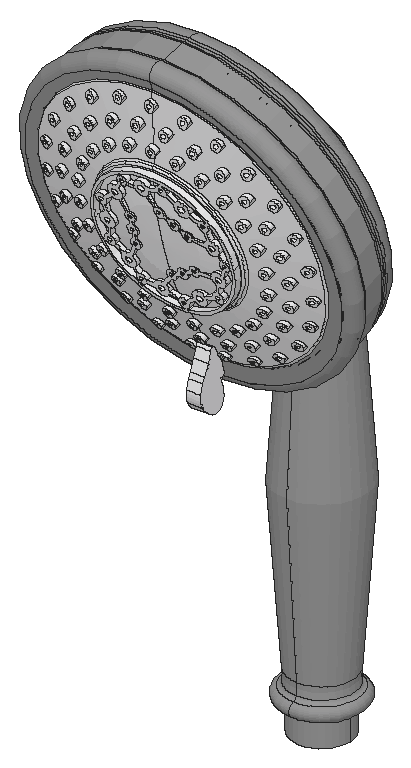
Revit family "Shower-Handshower-KOHLER-RAIN_DUET-K-98952T_1", category Plumbing Fixtures, host Face, Revit 2017 (continued)
Definition of nested family "K-98952T"
  Lines and regions (in)
    symbolic lines, detail levels medium+fine
      curve 73: spline (-0.57938, 0, 6.97899) -> (-0.57383, 0, 6.97263) -> (-0.56849, 0, 6.9661) -> (-0.56336, 0, 6.95942) -> (-0.55845, 0, 6.95259) -> (-0.55376, 0, 6.94561) -> (-0.5493, 0, 6.9385) -> (-0.54507, 0, 6.93126) -> (-0.54108, 0, 6.9239) -> (-0.53732, 0, 6.91642) -> (-0.53381, 0, 6.90883) -> (-0.53054, 0, 6.90114) -> (-0.52753, 0, 6.89336)
      curve 74: spline (-0.49403, 0, 6.91531) -> (-0.49702, 0, 6.92238) -> (-0.5002, 0, 6.92939) -> (-0.50355, 0, 6.93631) -> (-0.50709, 0, 6.94315) -> (-0.5108, 0, 6.9499) -> (-0.51468, 0, 6.95657) -> (-0.51874, 0, 6.96313) -> (-0.52296, 0, 6.9696) -> (-0.52736, 0, 6.97597) -> (-0.53192, 0, 6.98222) -> (-0.53663, 0, 6.98837) -> (-0.54151, 0, 6.9944)
      curve 75: spline (-0.52753, 0, 6.89336) -> (-0.53273, 0, 6.88634) -> (-0.53697, 0, 6.87874) -> (-0.54019, 0, 6.8707) -> (-0.54231, 0, 6.86232) -> (-0.54333, 0, 6.85375) -> (-0.5432, 0, 6.84513) -> (-0.54195, 0, 6.8366) -> (-0.53959, 0, 6.82828) -> (-0.53616, 0, 6.82032) -> (-0.5317, 0, 6.81284) -> (-0.52631, 0, 6.80595) -> (-0.52005, 0, 6.79978)
      curve 76: spline (-0.48141, 0, 6.78274) -> (-0.47504, 0, 6.78225) -> (-0.46865, 0, 6.78231) -> (-0.46229, 0, 6.78292) -> (-0.45602, 0, 6.78409) -> (-0.44988, 0, 6.78579) -> (-0.44392, 0, 6.78801) -> (-0.4382, 0, 6.79075) -> (-0.43275, 0, 6.79397) -> (-0.42763, 0, 6.79764) -> (-0.42288, 0, 6.80175) -> (-0.41853, 0, 6.80625) -> (-0.41461, 0, 6.81111)
      curve 77: spline (-0.40168, 0, 6.85036) -> (-0.40255, 0, 6.86099) -> (-0.40513, 0, 6.87135) -> (-0.40936, 0, 6.88121) -> (-0.41513, 0, 6.89031) -> (-0.42231, 0, 6.89843) -> (-0.43072, 0, 6.90537) -> (-0.44015, 0, 6.91097) -> (-0.45037, 0, 6.91509) -> (-0.46114, 0, 6.91763) -> (-0.47218, 0, 6.91851) -> (-0.48324, 0, 6.91773) -> (-0.49403, 0, 6.91531)
      curve 78: spline (-0.29093, 0, 6.84478) -> (-0.30006, 0, 6.84629) -> (-0.30923, 0, 6.84762) -> (-0.31842, 0, 6.84876) -> (-0.32764, 0, 6.8497) -> (-0.33687, 0, 6.85045) -> (-0.34612, 0, 6.85102) -> (-0.35538, 0, 6.85139) -> (-0.36464, 0, 6.85157) -> (-0.37391, 0, 6.85155) -> (-0.38318, 0, 6.85135) -> (-0.39243, 0, 6.85095) -> (-0.40168, 0, 6.85036)
      curve 79: spline (-0.41461, 0, 6.81111) -> (-0.40424, 0, 6.81216) -> (-0.39384, 0, 6.81294) -> (-0.38342, 0, 6.81345) -> (-0.37299, 0, 6.8137) -> (-0.36256, 0, 6.81368) -> (-0.35213, 0, 6.81339) -> (-0.34171, 0, 6.81283) -> (-0.33132, 0, 6.812) -> (-0.32095, 0, 6.81091) -> (-0.31061, 0, 6.80955) -> (-0.30031, 0, 6.80793) -> (-0.29007, 0, 6.80605)
      curve 80: spline (-0.13931, 0, 6.92201) -> (-0.15479, 0, 6.92751) -> (-0.17096, 0, 6.93069) -> (-0.18745, 0, 6.93145) -> (-0.20386, 0, 6.92979) -> (-0.21982, 0, 6.92575) -> (-0.23496, 0, 6.91941) -> (-0.24891, 0, 6.91093) -> (-0.26136, 0, 6.90051) -> (-0.27201, 0, 6.88838) -> (-0.28061, 0, 6.87484) -> (-0.28697, 0, 6.86019) -> (-0.29093, 0, 6.84478)
      curve 81: spline (-0.29007, 0, 6.80605) -> (-0.2834, 0, 6.78606) -> (-0.2727, 0, 6.76777) -> (-0.25839, 0, 6.75192) -> (-0.24106, 0, 6.73916) -> (-0.22142, 0, 6.73001) -> (-0.20026, 0, 6.72484) -> (-0.17846, 0, 6.72388) -> (-0.1569, 0, 6.72714) -> (-0.13646, 0, 6.73451) -> (-0.11798, 0, 6.74567) -> (-0.10221, 0, 6.76019) -> (-0.0898, 0, 6.77745)
      curve 82: spline (-0.07728, 0, 6.81419) -> (-0.07654, 0, 6.82195) -> (-0.0764, 0, 6.82973) -> (-0.07687, 0, 6.8375) -> (-0.07794, 0, 6.84522) -> (-0.07961, 0, 6.85284) -> (-0.08187, 0, 6.86031) -> (-0.0847, 0, 6.8676) -> (-0.0881, 0, 6.87467) -> (-0.09203, 0, 6.88147) -> (-0.09649, 0, 6.88798) -> (-0.10143, 0, 6.89414) -> (-0.10685, 0, 6.89992)
      curve 83: spline (-0.10685, 0, 6.89992) -> (-0.09988, 0, 6.91269) -> (-0.09258, 0, 6.92528) -> (-0.08493, 0, 6.93767) -> (-0.07695, 0, 6.94988) -> (-0.06864, 0, 6.96187) -> (-0.06001, 0, 6.97366) -> (-0.05106, 0, 6.98522) -> (-0.0418, 0, 6.99656) -> (-0.03224, 0, 7.00765) -> (-0.02238, 0, 7.01851) -> (-0.01222, 0, 7.02911) -> (-0.00178, 0, 7.03946)
      curve 84: spline (-0.03563, 0, 7.06035) -> (-0.04582, 0, 7.04999) -> (-0.05575, 0, 7.03939) -> (-0.0654, 0, 7.02857) -> (-0.07478, 0, 7.01753) -> (-0.08388, 0, 7.00627) -> (-0.0927, 0, 6.9948) -> (-0.10122, 0, 6.98313) -> (-0.10945, 0, 6.97127) -> (-0.11738, 0, 6.95922) -> (-0.125, 0, 6.94699) -> (-0.13231, 0, 6.93458) -> (-0.13931, 0, 6.92201)
      curve 85: spline (0.04861, 0, 6.76939) -> (0.03907, 0, 6.77518) -> (0.02931, 0, 6.78062) -> (0.01934, 0, 6.7857) -> (0.00918, 0, 6.79041) -> (-0.00117, 0, 6.79475) -> (-0.01167, 0, 6.79871) -> (-0.02232, 0, 6.80229) -> (-0.03311, 0, 6.80547) -> (-0.04402, 0, 6.80825) -> (-0.05502, 0, 6.81064) -> (-0.06612, 0, 6.81262) -> (-0.07728, 0, 6.81419)
      curve 86: spline (-0.0898, 0, 6.77745) -> (-0.07856, 0, 6.77615) -> (-0.06738, 0, 6.77439) -> (-0.0563, 0, 6.77215) -> (-0.04533, 0, 6.76944) -> (-0.0345, 0, 6.76628) -> (-0.02382, 0, 6.76266) -> (-0.01331, 0, 6.75859) -> (-0.003, 0, 6.75408) -> (0.00709, 0, 6.74915) -> (0.01695, 0, 6.74379) -> (0.02655, 0, 6.73802) -> (0.03588, 0, 6.73185)
      curve 87: spline (0.16475, 0, 6.78591) -> (0.15581, 0, 6.79214) -> (0.14605, 0, 6.7971) -> (0.13566, 0, 6.8007) -> (0.12485, 0, 6.80286) -> (0.11383, 0, 6.80354) -> (0.10282, 0, 6.80273) -> (0.09204, 0, 6.80044) -> (0.0817, 0, 6.79672) -> (0.072, 0, 6.79164) -> (0.06314, 0, 6.78531) -> (0.05529, 0, 6.77784) -> (0.04861, 0, 6.76939)
      curve 88: spline (0.03588, 0, 6.73185) -> (0.03603, 0, 6.72197) -> (0.03752, 0, 6.7122) -> (0.04033, 0, 6.70269) -> (0.0444, 0, 6.69362) -> (0.04966, 0, 6.68514) -> (0.05604, 0, 6.67739) -> (0.06341, 0, 6.67051) -> (0.07165, 0, 6.66461) -> (0.08062, 0, 6.65979) -> (0.09016, 0, 6.65615) -> (0.10012, 0, 6.65373) -> (0.11033, 0, 6.65258)
      curve 89: spline (0.15248, 0, 6.66201) -> (0.16036, 0, 6.66683) -> (0.16758, 0, 6.67251) -> (0.17405, 0, 6.67898) -> (0.17968, 0, 6.68614) -> (0.18438, 0, 6.6939) -> (0.1881, 0, 6.70213) -> (0.19077, 0, 6.71073) -> (0.19236, 0, 6.71958) -> (0.19285, 0, 6.72854) -> (0.19223, 0, 6.7375) -> (0.19051, 0, 6.74632) -> (0.18771, 0, 6.75489)
      curve 90: spline (0.27497, 0, 6.85991) -> (0.26516, 0, 6.85467) -> (0.25544, 0, 6.84926) -> (0.24584, 0, 6.84368) -> (0.23634, 0, 6.83792) -> (0.22696, 0, 6.83199) -> (0.21769, 0, 6.8259) -> (0.20855, 0, 6.81963) -> (0.19953, 0, 6.81321) -> (0.19064, 0, 6.80662) -> (0.18187, 0, 6.79987) -> (0.17324, 0, 6.79297) -> (0.16475, 0, 6.78591)
      curve 91: spline (0.18771, 0, 6.75489) -> (0.1959, 0, 6.76179) -> (0.20422, 0, 6.76853) -> (0.21268, 0, 6.77512) -> (0.22127, 0, 6.78155) -> (0.22999, 0, 6.78781) -> (0.23884, 0, 6.79391) -> (0.24781, 0, 6.79985) -> (0.25689, 0, 6.80561) -> (0.26609, 0, 6.81121) -> (0.27541, 0, 6.81663) -> (0.28483, 0, 6.82187) -> (0.29435, 0, 6.82694)
      curve 92: spline (0.46607, 0, 6.95988) -> (0.44795, 0, 6.97754) -> (0.42606, 0, 6.99067) -> (0.40159, 0, 6.99855) -> (0.37588, 0, 7.00073) -> (0.35036, 0, 6.99712) -> (0.32641, 0, 6.98789) -> (0.30534, 0, 6.97357) -> (0.28831, 0, 6.95492) -> (0.27626, 0, 6.93298) -> (0.26984, 0, 6.90895) -> (0.2694, 0, 6.88414) -> (0.27497, 0, 6.85991)
      curve 93: spline (0.29435, 0, 6.82694) -> (0.31259, 0, 6.8102) -> (0.33429, 0, 6.79789) -> (0.35835, 0, 6.79064) -> (0.38348, 0, 6.78883) -> (0.40838, 0, 6.79256) -> (0.43176, 0, 6.80163) -> (0.45238, 0, 6.81557) -> (0.46916, 0, 6.83365) -> (0.48124, 0, 6.85493) -> (0.48798, 0, 6.87829) -> (0.48902, 0, 6.90251) -> (0.48432, 0, 6.92632)
      curve 94: spline (0.48432, 0, 6.92632) -> (0.49392, 0, 6.93126) -> (0.50362, 0, 6.93601) -> (0.51341, 0, 6.94059) -> (0.52329, 0, 6.94498) -> (0.53326, 0, 6.94918) -> (0.54331, 0, 6.9532) -> (0.55344, 0, 6.95702) -> (0.56365, 0, 6.96066) -> (0.57393, 0, 6.96411) -> (0.58428, 0, 6.96736) -> (0.59469, 0, 6.97041) -> (0.60516, 0, 6.97327)
      curve 95: spline (0.59055, 0, 7.00867) -> (0.57978, 0, 7.00565) -> (0.56906, 0, 7.00243) -> (0.55841, 0, 6.99902) -> (0.54783, 0, 6.99542) -> (0.53732, 0, 6.99163) -> (0.52688, 0, 6.98765) -> (0.51653, 0, 6.98348) -> (0.50626, 0, 6.97913) -> (0.49607, 0, 6.97459) -> (0.48598, 0, 6.96987) -> (0.47598, 0, 6.96496) -> (0.46607, 0, 6.95988)
      curve 96: spline (-0.45404, 0, 7.31399) -> (-0.43509, 0, 7.31192) -> (-0.41623, 0, 7.3147) -> (-0.39878, 0, 7.32213) -> (-0.38397, 0, 7.33369) -> (-0.37282, 0, 7.34858) -> (-0.36611, 0, 7.36576) -> (-0.36431, 0, 7.38402) -> (-0.36755, 0, 7.40211) -> (-0.37559, 0, 7.41874) -> (-0.38789, 0, 7.43278) -> (-0.40357, 0, 7.44322) -> (-0.42155, 0, 7.44936)
      curve 97: spline (-0.46388, 0, 7.44567) -> (-0.4743, 0, 7.44059) -> (-0.48373, 0, 7.43395) -> (-0.49193, 0, 7.42594) -> (-0.49867, 0, 7.41676) -> (-0.50379, 0, 7.40666) -> (-0.50715, 0, 7.39589) -> (-0.50865, 0, 7.38475) -> (-0.50827, 0, 7.37352) -> (-0.50601, 0, 7.36249) -> (-0.50194, 0, 7.35196) -> (-0.49615, 0, 7.34219) -> (-0.4888, 0, 7.33346)
      curve 98: spline (-0.45601, 0, 7.5177) -> (-0.45529, 0, 7.51165) -> (-0.45482, 0, 7.50557) -> (-0.4546, 0, 7.49948) -> (-0.45463, 0, 7.49339) -> (-0.45492, 0, 7.4873) -> (-0.45545, 0, 7.48123) -> (-0.45624, 0, 7.47519) -> (-0.45728, 0, 7.46918) -> (-0.45856, 0, 7.46321) -> (-0.46009, 0, 7.4573) -> (-0.46187, 0, 7.45145) -> (-0.46388, 0, 7.44567)
      curve 99: spline (-0.42155, 0, 7.44936) -> (-0.42014, 0, 7.45497) -> (-0.4189, 0, 7.46062) -> (-0.41783, 0, 7.4663) -> (-0.41695, 0, 7.47202) -> (-0.41625, 0, 7.47775) -> (-0.41573, 0, 7.48351) -> (-0.41538, 0, 7.48927) -> (-0.41522, 0, 7.49505) -> (-0.41525, 0, 7.50082) -> (-0.41545, 0, 7.50659) -> (-0.41583, 0, 7.51236) -> (-0.4164, 0, 7.51811)
      curve 100: spline (-0.4164, 0, 7.51811) -> (-0.40118, 0, 7.52387) -> (-0.38756, 0, 7.53257) -> (-0.37614, 0, 7.54383) -> (-0.36743, 0, 7.55714) -> (-0.36182, 0, 7.57192) -> (-0.35956, 0, 7.58749) -> (-0.36075, 0, 7.60318) -> (-0.36534, 0, 7.61828) -> (-0.37312, 0, 7.63211) -> (-0.38374, 0, 7.64407) -> (-0.39674, 0, 7.65362) -> (-0.41153, 0, 7.66033)
      curve 101: spline (-0.4508, 0, 7.66328) -> (-0.46756, 0, 7.65843) -> (-0.48275, 0, 7.6501) -> (-0.49561, 0, 7.6387) -> (-0.50549, 0, 7.62481) -> (-0.51188, 0, 7.60915) -> (-0.51445, 0, 7.59251) -> (-0.51307, 0, 7.57574) -> (-0.50782, 0, 7.55969) -> (-0.49896, 0, 7.54518) -> (-0.48694, 0, 7.53296) -> (-0.47238, 0, 7.52364) -> (-0.45601, 0, 7.5177)
      curve 102: spline (-0.41153, 0, 7.66033) -> (-0.41104, 0, 7.66526) -> (-0.41068, 0, 7.67021) -> (-0.41045, 0, 7.67516) -> (-0.41036, 0, 7.68011) -> (-0.4104, 0, 7.68507) -> (-0.41057, 0, 7.69003) -> (-0.41088, 0, 7.69497) -> (-0.41132, 0, 7.69991) -> (-0.4119, 0, 7.70484) -> (-0.41261, 0, 7.70975) -> (-0.41345, 0, 7.71464) -> (-0.41442, 0, 7.71951)
      curve 103: spline (-0.45649, 0, 7.72525) -> (-0.45502, 0, 7.72023) -> (-0.45372, 0, 7.71516) -> (-0.4526, 0, 7.71005) -> (-0.45167, 0, 7.70491) -> (-0.45091, 0, 7.69974) -> (-0.45034, 0, 7.69455) -> (-0.44996, 0, 7.68934) -> (-0.44976, 0, 7.68412) -> (-0.44974, 0, 7.6789) -> (-0.44991, 0, 7.67368) -> (-0.45027, 0, 7.66847) -> (-0.4508, 0, 7.66328)
      curve 104: spline (-0.41442, 0, 7.71951) -> (-0.39614, 0, 7.72476) -> (-0.37992, 0, 7.73442) -> (-0.3669, 0, 7.74784) -> (-0.35799, 0, 7.76406) -> (-0.3538, 0, 7.78196) -> (-0.35463, 0, 7.80029) -> (-0.36042, 0, 7.81777) -> (-0.37077, 0, 7.83319) -> (-0.38496, 0, 7.84546) -> (-0.40199, 0, 7.85373) -> (-0.42068, 0, 7.85743) -> (-0.43972, 0, 7.85629)
      curve 105: spline (-0.47545, 0, 7.83854) -> (-0.48326, 0, 7.83018) -> (-0.48955, 0, 7.82071) -> (-0.49418, 0, 7.81039) -> (-0.49702, 0, 7.79949) -> (-0.49799, 0, 7.78829) -> (-0.49708, 0, 7.77708) -> (-0.49429, 0, 7.76617) -> (-0.48971, 0, 7.75583) -> (-0.48346, 0, 7.74633) -> (-0.4757, 0, 7.73793) -> (-0.46663, 0, 7.73084) -> (-0.45649, 0, 7.72525)
      curve 106: spline (-0.81489, 0, 7.69815) -> (-0.83908, 0, 7.69133) -> (-0.86102, 0, 7.67941) -> (-0.87958, 0, 7.66301) -> (-0.89377, 0, 7.64298) -> (-0.90287, 0, 7.62037) -> (-0.90638, 0, 7.59637) -> (-0.90414, 0, 7.57222) -> (-0.89625, 0, 7.5492) -> (-0.88313, 0, 7.5285) -> (-0.86547, 0, 7.51121) -> (-0.84418, 0, 7.49823) -> (-0.82038, 0, 7.49024)
      curve 107: spline (0.07488, 0, 7.14981) -> (0.06102, 0, 7.16241) -> (0.04421, 0, 7.17108) -> (0.02562, 0, 7.17522) -> (0.00655, 0, 7.17453) -> (-0.01166, 0, 7.16907) -> (-0.02775, 0, 7.15921) -> (-0.0406, 0, 7.14565) -> (-0.0493, 0, 7.12932) -> (-0.05326, 0, 7.11137) -> (-0.0522, 0, 7.09305) -> (-0.04618, 0, 7.07564) -> (-0.03563, 0, 7.06035)
      curve 108: spline (-0.00178, 0, 7.03946) -> (0.00965, 0, 7.03714) -> (0.02132, 0, 7.03663) -> (0.03293, 0, 7.03793) -> (0.04417, 0, 7.04102) -> (0.05474, 0, 7.04581) -> (0.06437, 0, 7.05218) -> (0.07281, 0, 7.05995) -> (0.07983, 0, 7.06894) -> (0.08525, 0, 7.07889) -> (0.08894, 0, 7.08956) -> (0.09079, 0, 7.10065) -> (0.09075, 0, 7.11189)
      curve 109: spline (0.09075, 0, 7.11189) -> (0.09454, 0, 7.11563) -> (0.09845, 0, 7.11925) -> (0.10249, 0, 7.12273) -> (0.10666, 0, 7.12609) -> (0.11094, 0, 7.1293) -> (0.11533, 0, 7.13237) -> (0.11982, 0, 7.13529) -> (0.12442, 0, 7.13807) -> (0.12911, 0, 7.14069) -> (0.1339, 0, 7.14316) -> (0.13877, 0, 7.14547) -> (0.14371, 0, 7.14762)
      curve 110: spline (0.12674, 0, 7.1818) -> (0.12205, 0, 7.17975) -> (0.11741, 0, 7.17758) -> (0.11284, 0, 7.17529) -> (0.10833, 0, 7.17289) -> (0.10389, 0, 7.17037) -> (0.09951, 0, 7.16775) -> (0.09521, 0, 7.16502) -> (0.09098, 0, 7.16218) -> (0.08684, 0, 7.15924) -> (0.08277, 0, 7.1562) -> (0.07878, 0, 7.15305) -> (0.07488, 0, 7.14981)
      curve 111: spline (0.25724, 0, 7.24886) -> (0.24444, 0, 7.25865) -> (0.22979, 0, 7.26565) -> (0.21394, 0, 7.26953) -> (0.1976, 0, 7.27013) -> (0.18149, 0, 7.26741) -> (0.16634, 0, 7.26151) -> (0.1528, 0, 7.25267) -> (0.1415, 0, 7.2413) -> (0.13293, 0, 7.22791) -> (0.12748, 0, 7.21308) -> (0.12538, 0, 7.19748) -> (0.12674, 0, 7.1818)
      curve 112: spline (0.14371, 0, 7.14762) -> (0.15645, 0, 7.13609) -> (0.17156, 0, 7.1276) -> (0.18826, 0, 7.12259) -> (0.2057, 0, 7.1213) -> (0.22299, 0, 7.12382) -> (0.23926, 0, 7.13) -> (0.25368, 0, 7.13953) -> (0.2655, 0, 7.15193) -> (0.27413, 0, 7.16656) -> (0.27913, 0, 7.18268) -> (0.28024, 0, 7.19947) -> (0.27741, 0, 7.21607)
      curve 113: spline (0.32172, 0, 7.27894) -> (0.31596, 0, 7.27732) -> (0.31025, 0, 7.27552) -> (0.3046, 0, 7.27357) -> (0.29902, 0, 7.27145) -> (0.2935, 0, 7.26916) -> (0.28806, 0, 7.26672) -> (0.28269, 0, 7.26412) -> (0.27742, 0, 7.26137) -> (0.27223, 0, 7.25846) -> (0.26713, 0, 7.25541) -> (0.26213, 0, 7.2522) -> (0.25724, 0, 7.24886)
      curve 114: spline (0.27741, 0, 7.21607) -> (0.2825, 0, 7.2197) -> (0.28773, 0, 7.22313) -> (0.29311, 0, 7.22636) -> (0.29861, 0, 7.22937) -> (0.30423, 0, 7.23218) -> (0.30997, 0, 7.23477) -> (0.31581, 0, 7.23714) -> (0.32174, 0, 7.23928) -> (0.32775, 0, 7.24119) -> (0.33384, 0, 7.24287) -> (0.33999, 0, 7.24432) -> (0.3462, 0, 7.24553)
      curve 115: spline (0.45986, 0, 7.31956) -> (0.45225, 0, 7.33639) -> (0.44032, 0, 7.35071) -> (0.4249, 0, 7.36152) -> (0.40708, 0, 7.36808) -> (0.3881, 0, 7.36992) -> (0.36928, 0, 7.36692) -> (0.35193, 0, 7.35928) -> (0.33727, 0, 7.34755) -> (0.32631, 0, 7.33253) -> (0.31982, 0, 7.31527) -> (0.31826, 0, 7.29698) -> (0.32172, 0, 7.27894)
      curve 116: spline (0.3462, 0, 7.24553) -> (0.35599, 0, 7.23939) -> (0.36668, 0, 7.23486) -> (0.378, 0, 7.23204) -> (0.38963, 0, 7.23101) -> (0.40129, 0, 7.2318) -> (0.41266, 0, 7.23439) -> (0.42345, 0, 7.2387) -> (0.43338, 0, 7.24463) -> (0.44218, 0, 7.25203) -> (0.44962, 0, 7.26069) -> (0.45552, 0, 7.27039) -> (0.45971, 0, 7.28088)
      curve 117: spline (0.63695, 0, 7.32811) -> (0.62218, 0, 7.32929) -> (0.60737, 0, 7.33013) -> (0.59256, 0, 7.33062) -> (0.57773, 0, 7.33077) -> (0.5629, 0, 7.33057) -> (0.54809, 0, 7.33003) -> (0.53329, 0, 7.32914) -> (0.51851, 0, 7.32791) -> (0.50378, 0, 7.32633) -> (0.48908, 0, 7.32442) -> (0.47444, 0, 7.32216) -> (0.45986, 0, 7.31956)
      curve 118: spline (0.45971, 0, 7.28088) -> (0.47441, 0, 7.28369) -> (0.48918, 0, 7.28613) -> (0.50402, 0, 7.28819) -> (0.5189, 0, 7.28989) -> (0.53383, 0, 7.2912) -> (0.54878, 0, 7.29215) -> (0.56376, 0, 7.29271) -> (0.57875, 0, 7.2929) -> (0.59373, 0, 7.29272) -> (0.60871, 0, 7.29215) -> (0.62367, 0, 7.29122) -> (0.63859, 0, 7.2899)
      curve 119: spline (0.66808, 0, 7.09346) -> (0.65707, 0, 7.09266) -> (0.64629, 0, 7.09038) -> (0.63594, 0, 7.08667) -> (0.62624, 0, 7.0816) -> (0.61737, 0, 7.07527) -> (0.60952, 0, 7.06781) -> (0.60283, 0, 7.05936) -> (0.59744, 0, 7.05009) -> (0.59345, 0, 7.04019) -> (0.59094, 0, 7.02985) -> (0.58997, 0, 7.01927) -> (0.59055, 0, 7.00867)
      curve 120: spline (0.60516, 0, 6.97327) -> (0.61176, 0, 6.96571) -> (0.61933, 0, 6.95903) -> (0.62775, 0, 6.95336) -> (0.63686, 0, 6.9488) -> (0.64651, 0, 6.94542) -> (0.65654, 0, 6.94328) -> (0.66678, 0, 6.94242) -> (0.67704, 0, 6.94285) -> (0.68716, 0, 6.94457) -> (0.69695, 0, 6.94754) -> (0.70626, 0, 6.95171) -> (0.71493, 0, 6.95702)
      curve 121: spline (0.74192, 0, 6.99114) -> (0.74468, 0, 6.9996) -> (0.74639, 0, 7.00832) -> (0.74702, 0, 7.01717) -> (0.74658, 0, 7.02602) -> (0.74505, 0, 7.03477) -> (0.74247, 0, 7.04328) -> (0.73887, 0, 7.05145) -> (0.7343, 0, 7.05915) -> (0.72882, 0, 7.06628) -> (0.72252, 0, 7.07275) -> (0.71546, 0, 7.07846) -> (0.70776, 0, 7.08334)
      curve 122: spline (0.70776, 0, 7.08334) -> (0.70745, 0, 7.09423) -> (0.70763, 0, 7.10512) -> (0.70831, 0, 7.11599) -> (0.70948, 0, 7.12682) -> (0.71115, 0, 7.13759) -> (0.71331, 0, 7.14828) -> (0.71595, 0, 7.15887) -> (0.71907, 0, 7.16934) -> (0.72267, 0, 7.17966) -> (0.72674, 0, 7.18983) -> (0.73127, 0, 7.19981) -> (0.73624, 0, 7.20959)
      curve 123: spline (0.69737, 0, 7.21945) -> (0.69268, 0, 7.20958) -> (0.68838, 0, 7.19955) -> (0.68448, 0, 7.18936) -> (0.68099, 0, 7.17904) -> (0.6779, 0, 7.16861) -> (0.67523, 0, 7.15806) -> (0.67298, 0, 7.14743) -> (0.67115, 0, 7.13672) -> (0.66974, 0, 7.12596) -> (0.66876, 0, 7.11515) -> (0.66821, 0, 7.10431) -> (0.66808, 0, 7.09346)
      curve 124: spline (0.63859, 0, 7.2899) -> (0.64071, 0, 7.28239) -> (0.6434, 0, 7.27504) -> (0.64665, 0, 7.26791) -> (0.65045, 0, 7.26104) -> (0.65478, 0, 7.25446) -> (0.6596, 0, 7.24821) -> (0.6649, 0, 7.24232) -> (0.67064, 0, 7.23684) -> (0.6768, 0, 7.23178) -> (0.68333, 0, 7.22718) -> (0.6902, 0, 7.22306) -> (0.69737, 0, 7.21945)
      curve 125: spline (0.79609, 0, 7.40415) -> (0.78026, 0, 7.41103) -> (0.76349, 0, 7.41538) -> (0.74621, 0, 7.41708) -> (0.72887, 0, 7.4161) -> (0.71192, 0, 7.41246) -> (0.69579, 0, 7.40626) -> (0.68091, 0, 7.39765) -> (0.66765, 0, 7.38685) -> (0.65637, 0, 7.37415) -> (0.64734, 0, 7.35988) -> (0.64082, 0, 7.3444) -> (0.63695, 0, 7.32811)
      curve 126: spline (0.73624, 0, 7.20959) -> (0.75708, 0, 7.21011) -> (0.77743, 0, 7.21448) -> (0.79653, 0, 7.22252) -> (0.81366, 0, 7.23394) -> (0.8282, 0, 7.24831) -> (0.83959, 0, 7.2651) -> (0.84742, 0, 7.28369) -> (0.85139, 0, 7.30337) -> (0.85136, 0, 7.32342) -> (0.84732, 0, 7.34309) -> (0.83943, 0, 7.36165) -> (0.82797, 0, 7.3784)
      curve 127: spline (0.84898, 0, 7.51374) -> (0.84405, 0, 7.50485) -> (0.83921, 0, 7.49592) -> (0.83447, 0, 7.48693) -> (0.82982, 0, 7.47791) -> (0.82526, 0, 7.46883) -> (0.82081, 0, 7.45972) -> (0.81644, 0, 7.45056) -> (0.81218, 0, 7.44136) -> (0.80801, 0, 7.43212) -> (0.80394, 0, 7.42283) -> (0.79997, 0, 7.41351) -> (0.79609, 0, 7.40415)
      curve 128: spline (0.82797, 0, 7.3784) -> (0.83223, 0, 7.38906) -> (0.83662, 0, 7.39967) -> (0.84113, 0, 7.41023) -> (0.84578, 0, 7.42074) -> (0.85056, 0, 7.4312) -> (0.85547, 0, 7.44159) -> (0.8605, 0, 7.45194) -> (0.86567, 0, 7.46222) -> (0.87096, 0, 7.47244) -> (0.87637, 0, 7.4826) -> (0.88192, 0, 7.4927) -> (0.88758, 0, 7.50274)
      curve 129: spline (0.88758, 0, 7.50274) -> (0.89499, 0, 7.50311) -> (0.90232, 0, 7.50423) -> (0.90948, 0, 7.50607) -> (0.91641, 0, 7.50863) -> (0.92302, 0, 7.51187) -> (0.92924, 0, 7.51575) -> (0.935, 0, 7.52024) -> (0.94025, 0, 7.52529) -> (0.94492, 0, 7.53083) -> (0.94896, 0, 7.53681) -> (0.95232, 0, 7.54317) -> (0.95498, 0, 7.54983)
      curve 130: spline (0.9567, 0, 7.58595) -> (0.95451, 0, 7.5933) -> (0.95147, 0, 7.60038) -> (0.94763, 0, 7.60708) -> (0.94304, 0, 7.61333) -> (0.93774, 0, 7.61904) -> (0.93181, 0, 7.62414) -> (0.92533, 0, 7.62857) -> (0.91837, 0, 7.63228) -> (0.91102, 0, 7.63521) -> (0.90337, 0, 7.63733) -> (0.89553, 0, 7.63862) -> (0.88758, 0, 7.63905)
      curve 131: spline (0.84873, 0, 7.62789) -> (0.8395, 0, 7.62096) -> (0.83159, 0, 7.61266) -> (0.8252, 0, 7.60322) -> (0.82051, 0, 7.5929) -> (0.81766, 0, 7.58198) -> (0.81672, 0, 7.57075) -> (0.81771, 0, 7.55953) -> (0.82061, 0, 7.54862) -> (0.82534, 0, 7.53831) -> (0.83176, 0, 7.5289) -> (0.83972, 0, 7.52063) -> (0.84898, 0, 7.51374)
      curve 132: spline (0.81332, 0, 7.69963) -> (0.81582, 0, 7.69346) -> (0.8184, 0, 7.68732) -> (0.82107, 0, 7.68121) -> (0.82382, 0, 7.67514) -> (0.82665, 0, 7.6691) -> (0.82956, 0, 7.66309) -> (0.83256, 0, 7.65713) -> (0.83563, 0, 7.6512) -> (0.83879, 0, 7.64531) -> (0.84202, 0, 7.63946) -> (0.84534, 0, 7.63366) -> (0.84873, 0, 7.62789)
      curve 133: spline (0.88758, 0, 7.63905) -> (0.88328, 0, 7.64607) -> (0.8791, 0, 7.65317) -> (0.87506, 0, 7.66034) -> (0.87114, 0, 7.66758) -> (0.86736, 0, 7.67488) -> (0.8637, 0, 7.68224) -> (0.86019, 0, 7.68966) -> (0.85681, 0, 7.69714) -> (0.85356, 0, 7.70468) -> (0.85045, 0, 7.71227) -> (0.84748, 0, 7.71991) -> (0.84465, 0, 7.7276)
      curve 134: spline (-0.78104, 0, 7.48866) -> (-0.75607, 0, 7.49492) -> (-0.7333, 0, 7.50659) -> (-0.71398, 0, 7.52304) -> (-0.69916, 0, 7.54335) -> (-0.68965, 0, 7.56642) -> (-0.68598, 0, 7.59098) -> (-0.68835, 0, 7.61569) -> (-0.69662, 0, 7.63919) -> (-0.71035, 0, 7.6602) -> (-0.72879, 0, 7.67757) -> (-0.75091, 0, 7.69034) -> (-0.77551, 0, 7.69781)
      curve 135: spline (-0.82645, 0, 7.823) -> (-0.82433, 0, 7.81273) -> (-0.82242, 0, 7.80242) -> (-0.82072, 0, 7.79208) -> (-0.81923, 0, 7.78171) -> (-0.81794, 0, 7.77132) -> (-0.81687, 0, 7.7609) -> (-0.81601, 0, 7.75046) -> (-0.81536, 0, 7.74001) -> (-0.81493, 0, 7.72955) -> (-0.8147, 0, 7.71909) -> (-0.81469, 0, 7.70862) -> (-0.81489, 0, 7.69815)
      curve 136: spline (-0.77551, 0, 7.69781) -> (-0.77532, 0, 7.7086) -> (-0.77533, 0, 7.7194) -> (-0.77556, 0, 7.73019) -> (-0.776, 0, 7.74098) -> (-0.77664, 0, 7.75176) -> (-0.7775, 0, 7.76252) -> (-0.77857, 0, 7.77327) -> (-0.77984, 0, 7.784) -> (-0.78133, 0, 7.7947) -> (-0.78302, 0, 7.80537) -> (-0.78492, 0, 7.81601) -> (-0.78703, 0, 7.82661)
      curve 137: spline (-0.89248, 0, 7.89878) -> (-0.89207, 0, 7.88981) -> (-0.89056, 0, 7.88095) -> (-0.88797, 0, 7.87233) -> (-0.88434, 0, 7.86406) -> (-0.87971, 0, 7.85627) -> (-0.87415, 0, 7.84906) -> (-0.86774, 0, 7.84253) -> (-0.86057, 0, 7.83678) -> (-0.85274, 0, 7.83189) -> (-0.84437, 0, 7.82793) -> (-0.83556, 0, 7.82495) -> (-0.82645, 0, 7.823)
      curve 138: spline (-0.78703, 0, 7.82661) -> (-0.77695, 0, 7.83094) -> (-0.7676, 0, 7.83659) -> (-0.75917, 0, 7.84345) -> (-0.75182, 0, 7.85137) -> (-0.7457, 0, 7.86021) -> (-0.74092, 0, 7.86978) -> (-0.7376, 0, 7.8799) -> (-0.73577, 0, 7.89038) -> (-0.7355, 0, 7.90099) -> (-0.73677, 0, 7.91154) -> (-0.73958, 0, 7.92181) -> (-0.74385, 0, 7.9316)
      curve 139: spline (-0.66738, 0, 8.04285) -> (-0.67417, 0, 8.03413) -> (-0.68135, 0, 8.02571) -> (-0.6889, 0, 8.0176) -> (-0.69682, 0, 8.00982) -> (-0.70509, 0, 8.00238) -> (-0.71369, 0, 7.99529) -> (-0.72261, 0, 7.98858) -> (-0.73182, 0, 7.98224) -> (-0.74131, 0, 7.97631) -> (-0.75106, 0, 7.97077) -> (-0.76106, 0, 7.96566) -> (-0.77128, 0, 7.96097)
      curve 140: spline (-0.74385, 0, 7.9316) -> (-0.73386, 0, 7.93665) -> (-0.72408, 0, 7.94206) -> (-0.71452, 0, 7.94783) -> (-0.70519, 0, 7.95393) -> (-0.69611, 0, 7.96038) -> (-0.6873, 0, 7.96715) -> (-0.67875, 0, 7.97423) -> (-0.6705, 0, 7.98163) -> (-0.66254, 0, 7.98932) -> (-0.65488, 0, 7.99729) -> (-0.64755, 0, 8.00554) -> (-0.64055, 0, 8.01405)
      curve 141: spline (-0.77128, 0, 7.96097) -> (-0.78025, 0, 7.96579) -> (-0.7898, 0, 7.96943) -> (-0.79976, 0, 7.97185) -> (-0.80996, 0, 7.973) -> (-0.82024, 0, 7.97285) -> (-0.8304, 0, 7.97142) -> (-0.84028, 0, 7.96872) -> (-0.84972, 0, 7.96481) -> (-0.85854, 0, 7.95974) -> (-0.86659, 0, 7.95361) -> (-0.87375, 0, 7.94653) -> (-0.87988, 0, 7.9386)
      curve 142: spline (-0.64055, 0, 8.01405) -> (-0.63394, 0, 8.00956) -> (-0.627, 0, 8.00555) -> (-0.61977, 0, 8.00205) -> (-0.61229, 0, 7.99909) -> (-0.60459, 0, 7.99667) -> (-0.59673, 0, 7.99482) -> (-0.58875, 0, 7.99353) -> (-0.58068, 0, 7.99282) -> (-0.57259, 0, 7.9927) -> (-0.56451, 0, 7.99316) -> (-0.55649, 0, 7.9942) -> (-0.54857, 0, 7.99581)
      curve 143: spline (-0.54008, 0, 8.1949) -> (-0.56146, 0, 8.19964) -> (-0.58341, 0, 8.20013) -> (-0.605, 0, 8.19634) -> (-0.62535, 0, 8.18843) -> (-0.64362, 0, 8.17673) -> (-0.65905, 0, 8.16172) -> (-0.67101, 0, 8.14402) -> (-0.679, 0, 8.12436) -> (-0.68269, 0, 8.10355) -> (-0.68194, 0, 8.08245) -> (-0.67676, 0, 8.06194) -> (-0.66738, 0, 8.04285)
      curve 144: spline (-0.51245, 0, 8.01181) -> (-0.49984, 0, 8.02186) -> (-0.48896, 0, 8.03364) -> (-0.48006, 0, 8.04686) -> (-0.47334, 0, 8.06122) -> (-0.46895, 0, 8.0764) -> (-0.467, 0, 8.09203) -> (-0.46753, 0, 8.10778) -> (-0.47052, 0, 8.12326) -> (-0.47592, 0, 8.13813) -> (-0.48359, 0, 8.15205) -> (-0.49336, 0, 8.16469) -> (-0.50501, 0, 8.17576)
      curve 145: spline (-0.43972, 0, 7.85629) -> (-0.44395, 0, 7.86995) -> (-0.44853, 0, 7.88352) -> (-0.45345, 0, 7.89697) -> (-0.4587, 0, 7.91031) -> (-0.46429, 0, 7.92351) -> (-0.47021, 0, 7.93659) -> (-0.47645, 0, 7.94952) -> (-0.48302, 0, 7.96231) -> (-0.48991, 0, 7.97494) -> (-0.49711, 0, 7.9874) -> (-0.50463, 0, 7.99969) -> (-0.51245, 0, 8.01181)
      curve 146: spline (-0.54857, 0, 7.99581) -> (-0.54055, 0, 7.98363) -> (-0.53287, 0, 7.97125) -> (-0.52553, 0, 7.95869) -> (-0.51854, 0, 7.94594) -> (-0.51189, 0, 7.93302) -> (-0.50559, 0, 7.91994) -> (-0.49965, 0, 7.9067) -> (-0.49408, 0, 7.89332) -> (-0.48886, 0, 7.87981) -> (-0.48402, 0, 7.86617) -> (-0.47955, 0, 7.85241) -> (-0.47545, 0, 7.83854)
      curve 147: spline (-0.4824, 0, 8.28721) -> (-0.48563, 0, 8.27872) -> (-0.48917, 0, 8.27034) -> (-0.493, 0, 8.26209) -> (-0.49713, 0, 8.25397) -> (-0.50154, 0, 8.24599) -> (-0.50624, 0, 8.23817) -> (-0.51122, 0, 8.2305) -> (-0.51647, 0, 8.223) -> (-0.52199, 0, 8.21569) -> (-0.52777, 0, 8.20856) -> (-0.5338, 0, 8.20163) -> (-0.54008, 0, 8.1949)
      curve 148: spline (-0.50501, 0, 8.17576) -> (-0.49944, 0, 8.18206) -> (-0.49406, 0, 8.1885) -> (-0.48886, 0, 8.19508) -> (-0.48385, 0, 8.2018) -> (-0.47904, 0, 8.20865) -> (-0.47442, 0, 8.21562) -> (-0.47001, 0, 8.22271) -> (-0.4658, 0, 8.22992) -> (-0.46181, 0, 8.23724) -> (-0.45802, 0, 8.24466) -> (-0.45445, 0, 8.25217) -> (-0.45109, 0, 8.25978)
      curve 149: spline (-0.46652, 0, 8.37169) -> (-0.47243, 0, 8.3664) -> (-0.47766, 0, 8.36048) -> (-0.48214, 0, 8.35401) -> (-0.4858, 0, 8.34708) -> (-0.4886, 0, 8.33979) -> (-0.4905, 0, 8.33224) -> (-0.49147, 0, 8.32453) -> (-0.4915, 0, 8.31676) -> (-0.49059, 0, 8.30904) -> (-0.48875, 0, 8.30147) -> (-0.48601, 0, 8.29416) -> (-0.4824, 0, 8.28721)
      curve 150: spline (-0.35308, 0, 8.32039) -> (-0.35376, 0, 8.32974) -> (-0.35581, 0, 8.3389) -> (-0.35917, 0, 8.3477) -> (-0.36378, 0, 8.35596) -> (-0.36955, 0, 8.36351) -> (-0.37637, 0, 8.37021) -> (-0.3841, 0, 8.37593) -> (-0.39258, 0, 8.38054) -> (-0.40165, 0, 8.38396) -> (-0.41114, 0, 8.38613) -> (-0.42084, 0, 8.38699) -> (-0.43058, 0, 8.38653)
      curve 151: spline (-0.45109, 0, 8.25978) -> (-0.44351, 0, 8.25696) -> (-0.43564, 0, 8.25502) -> (-0.42759, 0, 8.25397) -> (-0.41947, 0, 8.25383) -> (-0.41138, 0, 8.25461) -> (-0.40345, 0, 8.2563) -> (-0.39578, 0, 8.25887) -> (-0.38847, 0, 8.26228) -> (-0.38163, 0, 8.2665) -> (-0.37534, 0, 8.27145) -> (-0.36971, 0, 8.27708) -> (-0.3648, 0, 8.28331)
      curve 152: spline (-0.25247, 0, 8.32039) -> (-0.26084, 0, 8.31984) -> (-0.26922, 0, 8.31939) -> (-0.2776, 0, 8.31905) -> (-0.28599, 0, 8.3188) -> (-0.29438, 0, 8.31865) -> (-0.30277, 0, 8.3186) -> (-0.31116, 0, 8.31865) -> (-0.31955, 0, 8.3188) -> (-0.32794, 0, 8.31905) -> (-0.33633, 0, 8.31939) -> (-0.3447, 0, 8.31984) -> (-0.35308, 0, 8.32039)
      curve 153: spline (-0.3648, 0, 8.28331) -> (-0.35491, 0, 8.28255) -> (-0.34501, 0, 8.28193) -> (-0.33511, 0, 8.28143) -> (-0.3252, 0, 8.28107) -> (-0.31528, 0, 8.28084) -> (-0.30537, 0, 8.28074) -> (-0.29545, 0, 8.28077) -> (-0.28553, 0, 8.28093) -> (-0.27562, 0, 8.28123) -> (-0.26571, 0, 8.28165) -> (-0.25581, 0, 8.28221) -> (-0.24592, 0, 8.2829)
      curve 154: spline (-0.04734, 0, 8.36405) -> (-0.06017, 0, 8.38355) -> (-0.07717, 0, 8.39984) -> (-0.09748, 0, 8.41212) -> (-0.12011, 0, 8.41979) -> (-0.14395, 0, 8.42246) -> (-0.16781, 0, 8.42001) -> (-0.19051, 0, 8.41255) -> (-0.21095, 0, 8.40046) -> (-0.2281, 0, 8.38432) -> (-0.24113, 0, 8.36494) -> (-0.24939, 0, 8.34327) -> (-0.25247, 0, 8.32039)
      curve 155: spline (-0.24592, 0, 8.2829) -> (-0.24008, 0, 8.27024) -> (-0.23255, 0, 8.25845) -> (-0.22346, 0, 8.24772) -> (-0.21297, 0, 8.23825) -> (-0.20125, 0, 8.2302) -> (-0.18853, 0, 8.22373) -> (-0.17503, 0, 8.21893) -> (-0.16099, 0, 8.21591) -> (-0.14665, 0, 8.21471) -> (-0.13227, 0, 8.21535) -> (-0.11811, 0, 8.21783) -> (-0.10442, 0, 8.22209)
      curve 156: spline (-0.07083, 0, 8.24256) -> (-0.06512, 0, 8.24808) -> (-0.05986, 0, 8.25399) -> (-0.05506, 0, 8.26027) -> (-0.05077, 0, 8.26687) -> (-0.04701, 0, 8.27376) -> (-0.0438, 0, 8.2809) -> (-0.04115, 0, 8.28826) -> (-0.03907, 0, 8.29579) -> (-0.0376, 0, 8.30344) -> (-0.03672, 0, 8.31118) -> (-0.03644, 0, 8.31896) -> (-0.03678, 0, 8.32674)
      curve 157: spline (0.08059, 0, 8.40345) -> (0.07094, 0, 8.39774) -> (0.06105, 0, 8.39245) -> (0.05092, 0, 8.38758) -> (0.04058, 0, 8.38314) -> (0.03004, 0, 8.37915) -> (0.01934, 0, 8.3756) -> (0.00848, 0, 8.3725) -> (-0.00251, 0, 8.36987) -> (-0.01361, 0, 8.36771) -> (-0.02479, 0, 8.36601) -> (-0.03604, 0, 8.36479) -> (-0.04734, 0, 8.36405)
      curve 158: spline (-0.03678, 0, 8.32674) -> (-0.02555, 0, 8.32777) -> (-0.01436, 0, 8.3292) -> (-0.00324, 0, 8.33105) -> (0.00779, 0, 8.3333) -> (0.01874, 0, 8.33595) -> (0.02956, 0, 8.339) -> (0.04027, 0, 8.34244) -> (0.05082, 0, 8.34626) -> (0.06122, 0, 8.35048) -> (0.07145, 0, 8.35506) -> (0.08148, 0, 8.36002) -> (0.09132, 0, 8.36534)
      curve 159: spline (0.14653, 0, 8.478) -> (0.13753, 0, 8.47607) -> (0.12883, 0, 8.47313) -> (0.12055, 0, 8.46924) -> (0.11279, 0, 8.46444) -> (0.10568, 0, 8.45879) -> (0.0993, 0, 8.45239) -> (0.09375, 0, 8.44531) -> (0.0891, 0, 8.43765) -> (0.08541, 0, 8.42952) -> (0.08274, 0, 8.42103) -> (0.08113, 0, 8.4123) -> (0.08059, 0, 8.40345)
      curve 160: spline (0.09132, 0, 8.36534) -> (0.09754, 0, 8.35657) -> (0.10499, 0, 8.34873) -> (0.1135, 0, 8.34197) -> (0.12292, 0, 8.33642) -> (0.13305, 0, 8.3322) -> (0.1437, 0, 8.32939) -> (0.15465, 0, 8.32804) -> (0.16569, 0, 8.32818) -> (0.1766, 0, 8.32981) -> (0.18716, 0, 8.3329) -> (0.19717, 0, 8.33738) -> (0.20643, 0, 8.34316)
      curve 161: spline (0.231, 0, 8.37303) -> (0.23452, 0, 8.38231) -> (0.23674, 0, 8.39196) -> (0.23764, 0, 8.4018) -> (0.23719, 0, 8.41167) -> (0.23541, 0, 8.4214) -> (0.23232, 0, 8.43082) -> (0.22798, 0, 8.43977) -> (0.22246, 0, 8.44811) -> (0.21585, 0, 8.45568) -> (0.20828, 0, 8.46235) -> (0.19987, 0, 8.46802) -> (0.19075, 0, 8.47258)
      curve 162: spline (0.20643, 0, 8.34316) -> (0.21454, 0, 8.3357) -> (0.2228, 0, 8.32838) -> (0.23119, 0, 8.32122) -> (0.23973, 0, 8.3142) -> (0.2484, 0, 8.30735) -> (0.2572, 0, 8.30065) -> (0.26613, 0, 8.29411) -> (0.27518, 0, 8.28773) -> (0.28436, 0, 8.28151) -> (0.29366, 0, 8.27547) -> (0.30308, 0, 8.26959) -> (0.31261, 0, 8.26388)
      curve 163: spline (0.3337, 0, 8.29586) -> (0.32446, 0, 8.30139) -> (0.31533, 0, 8.30708) -> (0.30631, 0, 8.31295) -> (0.29742, 0, 8.31899) -> (0.28865, 0, 8.32519) -> (0.28001, 0, 8.33155) -> (0.27149, 0, 8.33808) -> (0.26312, 0, 8.34476) -> (0.25487, 0, 8.3516) -> (0.24677, 0, 8.35859) -> (0.23881, 0, 8.36574) -> (0.231, 0, 8.37303)
      curve 164: spline (-0.10442, 0, 8.22209) -> (-0.09809, 0, 8.20919) -> (-0.09145, 0, 8.19645) -> (-0.08448, 0, 8.18386) -> (-0.0772, 0, 8.17144) -> (-0.06961, 0, 8.15919) -> (-0.06171, 0, 8.14712) -> (-0.05351, 0, 8.13523) -> (-0.04502, 0, 8.12355) -> (-0.03623, 0, 8.11206) -> (-0.02716, 0, 8.10078) -> (-0.01781, 0, 8.08971) -> (-0.00818, 0, 8.07887)
      curve 165: spline (0.02673, 0, 8.09808) -> (0.01685, 0, 8.10892) -> (0.00727, 0, 8.12001) -> (-0.00201, 0, 8.13133) -> (-0.01098, 0, 8.14288) -> (-0.01962, 0, 8.15465) -> (-0.02795, 0, 8.16664) -> (-0.03595, 0, 8.17883) -> (-0.04361, 0, 8.19122) -> (-0.05094, 0, 8.20379) -> (-0.05792, 0, 8.21655) -> (-0.06455, 0, 8.22947) -> (-0.07083, 0, 8.24256)
      curve 166: spline (0.51818, 0, 8.18733) -> (0.52413, 0, 8.21088) -> (0.52437, 0, 8.23512) -> (0.51887, 0, 8.25878) -> (0.50793, 0, 8.28062) -> (0.49212, 0, 8.2995) -> (0.47227, 0, 8.31443) -> (0.4494, 0, 8.32463) -> (0.42473, 0, 8.32957) -> (0.39953, 0, 8.32899) -> (0.37513, 0, 8.32292) -> (0.3528, 0, 8.31168) -> (0.3337, 0, 8.29586)
      curve 167: spline (0.31261, 0, 8.26388) -> (0.30576, 0, 8.23996) -> (0.30489, 0, 8.21516) -> (0.31003, 0, 8.19084) -> (0.32091, 0, 8.16834) -> (0.33693, 0, 8.14889) -> (0.35722, 0, 8.13355) -> (0.38065, 0, 8.12317) -> (0.40595, 0, 8.11831) -> (0.43174, 0, 8.11924) -> (0.45659, 0, 8.12591) -> (0.47915, 0, 8.13795) -> (0.49818, 0, 8.15471)
      curve 168: spline (0.63638, 0, 8.13454) -> (0.62607, 0, 8.13791) -> (0.61584, 0, 8.14147) -> (0.60568, 0, 8.14522) -> (0.59559, 0, 8.14916) -> (0.58559, 0, 8.15329) -> (0.57567, 0, 8.15761) -> (0.56585, 0, 8.16211) -> (0.55611, 0, 8.16679) -> (0.54647, 0, 8.17166) -> (0.53694, 0, 8.17671) -> (0.5275, 0, 8.18193) -> (0.51818, 0, 8.18733)
      curve 169: spline (0.49818, 0, 8.15471) -> (0.5078, 0, 8.14915) -> (0.51753, 0, 8.14376) -> (0.52736, 0, 8.13855) -> (0.5373, 0, 8.13352) -> (0.54733, 0, 8.12867) -> (0.55745, 0, 8.124) -> (0.56766, 0, 8.11952) -> (0.57795, 0, 8.11522) -> (0.58833, 0, 8.11111) -> (0.59879, 0, 8.10718) -> (0.60932, 0, 8.10344) -> (0.61992, 0, 8.0999)
      curve 170: spline (0.73763, 0, 8.15164) -> (0.72936, 0, 8.15578) -> (0.72062, 0, 8.15896) -> (0.71156, 0, 8.16111) -> (0.7023, 0, 8.16222) -> (0.69297, 0, 8.16226) -> (0.68369, 0, 8.16123) -> (0.67461, 0, 8.15916) -> (0.66585, 0, 8.15606) -> (0.65753, 0, 8.15199) -> (0.64978, 0, 8.14699) -> (0.64269, 0, 8.14115) -> (0.63638, 0, 8.13454)
      curve 171: spline (0.61992, 0, 8.0999) -> (0.61878, 0, 8.08934) -> (0.6192, 0, 8.07873) -> (0.62115, 0, 8.06828) -> (0.62461, 0, 8.05819) -> (0.62951, 0, 8.04867) -> (0.63574, 0, 8.03991) -> (0.6432, 0, 8.03208) -> (0.65172, 0, 8.02532) -> (0.66114, 0, 8.01979) -> (0.67127, 0, 8.01557) -> (0.68192, 0, 8.01277) -> (0.69288, 0, 8.01143)
      curve 172: spline (0.73304, 0, 8.0196) -> (0.74186, 0, 8.02466) -> (0.74992, 0, 8.03079) -> (0.75707, 0, 8.03788) -> (0.76321, 0, 8.04581) -> (0.76821, 0, 8.05443) -> (0.772, 0, 8.06362) -> (0.77452, 0, 8.0732) -> (0.77571, 0, 8.08301) -> (0.77556, 0, 8.09289) -> (0.77407, 0, 8.10266) -> (0.77126, 0, 8.11217) -> (0.7672, 0, 8.12124)
      curve 173: spline (0.75482, 0, 7.89212) -> (0.75036, 0, 7.90213) -> (0.74637, 0, 7.91232) -> (0.74285, 0, 7.92267) -> (0.7398, 0, 7.93316) -> (0.73723, 0, 7.94377) -> (0.73515, 0, 7.95447) -> (0.73356, 0, 7.96526) -> (0.73246, 0, 7.9761) -> (0.73186, 0, 7.98697) -> (0.73176, 0, 7.99786) -> (0.73215, 0, 8.00874) -> (0.73304, 0, 8.0196)
      curve 174: spline (0.69288, 0, 8.01143) -> (0.69243, 0, 8.00059) -> (0.69241, 0, 7.98974) -> (0.69282, 0, 7.9789) -> (0.69366, 0, 7.96807) -> (0.69492, 0, 7.95729) -> (0.69661, 0, 7.94656) -> (0.69872, 0, 7.9359) -> (0.70125, 0, 7.92533) -> (0.70419, 0, 7.91485) -> (0.70755, 0, 7.90449) -> (0.71131, 0, 7.89426) -> (0.71547, 0, 7.88418)
      curve 175: spline (0.84465, 0, 7.7276) -> (0.85473, 0, 7.7441) -> (0.86149, 0, 7.7621) -> (0.86471, 0, 7.78099) -> (0.86427, 0, 7.80013) -> (0.86018, 0, 7.81886) -> (0.85259, 0, 7.83655) -> (0.84175, 0, 7.85261) -> (0.82804, 0, 7.86648) -> (0.81191, 0, 7.87769) -> (0.79392, 0, 7.88587) -> (0.77467, 0, 7.89074) -> (0.75482, 0, 7.89212)
      curve 176: spline (0.71547, 0, 7.88418) -> (0.70812, 0, 7.88092) -> (0.70104, 0, 7.87714) -> (0.69428, 0, 7.87287) -> (0.68786, 0, 7.86812) -> (0.68184, 0, 7.86292) -> (0.67624, 0, 7.8573) -> (0.67109, 0, 7.85129) -> (0.66642, 0, 7.84493) -> (0.66226, 0, 7.83825) -> (0.65864, 0, 7.83129) -> (0.65556, 0, 7.82409) -> (0.65306, 0, 7.81669)
      curve 177: spline (0.6494, 0, 7.77861) -> (0.65262, 0, 7.76136) -> (0.6588, 0, 7.74487) -> (0.66778, 0, 7.72962) -> (0.6793, 0, 7.71604) -> (0.69303, 0, 7.70451) -> (0.70857, 0, 7.69537) -> (0.7255, 0, 7.68887) -> (0.74332, 0, 7.6852) -> (0.76152, 0, 7.68446) -> (0.7796, 0, 7.68668) -> (0.79703, 0, 7.69178) -> (0.81332, 0, 7.69963)
      curve 178: spline (0.65306, 0, 7.81669) -> (0.63808, 0, 7.8161) -> (0.62309, 0, 7.81589) -> (0.60811, 0, 7.81606) -> (0.59313, 0, 7.81661) -> (0.57817, 0, 7.81753) -> (0.56324, 0, 7.81883) -> (0.54836, 0, 7.8205) -> (0.53352, 0, 7.82254) -> (0.51874, 0, 7.82496) -> (0.50404, 0, 7.82775) -> (0.48941, 0, 7.8309) -> (0.47488, 0, 7.83443)
      curve 179: spline (0.47299, 0, 7.79579) -> (0.48741, 0, 7.79248) -> (0.50192, 0, 7.78951) -> (0.51649, 0, 7.78688) -> (0.53112, 0, 7.78459) -> (0.54581, 0, 7.78264) -> (0.56055, 0, 7.78103) -> (0.57531, 0, 7.77977) -> (0.59011, 0, 7.77885) -> (0.60493, 0, 7.77827) -> (0.61975, 0, 7.77804) -> (0.63458, 0, 7.77815) -> (0.6494, 0, 7.77861)
      curve 180: spline (0.47488, 0, 7.83443) -> (0.47125, 0, 7.84511) -> (0.46587, 0, 7.85509) -> (0.45889, 0, 7.8641) -> (0.45049, 0, 7.87192) -> (0.44089, 0, 7.87832) -> (0.43035, 0, 7.88316) -> (0.41913, 0, 7.8863) -> (0.40752, 0, 7.88766) -> (0.39585, 0, 7.8872) -> (0.3844, 0, 7.88494) -> (0.37349, 0, 7.88093) -> (0.36338, 0, 7.87528)
      curve 181: spline (0.33717, 0, 7.84311) -> (0.33276, 0, 7.82525) -> (0.33335, 0, 7.80692) -> (0.33892, 0, 7.78937) -> (0.34907, 0, 7.77383) -> (0.3631, 0, 7.76139) -> (0.38002, 0, 7.75292) -> (0.39866, 0, 7.749) -> (0.41772, 0, 7.74991) -> (0.43586, 0, 7.75559) -> (0.45182, 0, 7.76564) -> (0.46449, 0, 7.77936) -> (0.47299, 0, 7.79579)
      curve 182: spline (0.36338, 0, 7.87528) -> (0.35812, 0, 7.87656) -> (0.35291, 0, 7.87801) -> (0.34775, 0, 7.87964) -> (0.34265, 0, 7.88143) -> (0.33762, 0, 7.88339) -> (0.33266, 0, 7.88551) -> (0.32777, 0, 7.88779) -> (0.32298, 0, 7.89023) -> (0.31827, 0, 7.89283) -> (0.31365, 0, 7.89558) -> (0.30914, 0, 7.89848) -> (0.30473, 0, 7.90153)
      curve 183: spline (0.28243, 0, 7.87029) -> (0.28663, 0, 7.86741) -> (0.2909, 0, 7.86464) -> (0.29525, 0, 7.86198) -> (0.29967, 0, 7.85942) -> (0.30415, 0, 7.85698) -> (0.3087, 0, 7.85465) -> (0.31331, 0, 7.85243) -> (0.31798, 0, 7.85033) -> (0.3227, 0, 7.84834) -> (0.32748, 0, 7.84648) -> (0.3323, 0, 7.84473) -> (0.33717, 0, 7.84311)
      curve 184: spline (0.30473, 0, 7.90153) -> (0.30874, 0, 7.9179) -> (0.30883, 0, 7.93473) -> (0.305, 0, 7.95114) -> (0.29743, 0, 7.96631) -> (0.28652, 0, 7.97946) -> (0.27282, 0, 7.98992) -> (0.25703, 0, 7.99716) -> (0.23996, 0, 8.00081) -> (0.22246, 0, 8.00068) -> (0.20545, 0, 7.99678) -> (0.18977, 0, 7.98931) -> (0.17624, 0, 7.97865)
      curve 185: spline (0.1568, 0, 7.94546) -> (0.15438, 0, 7.9299) -> (0.1554, 0, 7.91421) -> (0.15983, 0, 7.89906) -> (0.16747, 0, 7.88515) -> (0.17797, 0, 7.87309) -> (0.19086, 0, 7.86342) -> (0.20559, 0, 7.85657) -> (0.22147, 0, 7.85284) -> (0.23782, 0, 7.8524) -> (0.2539, 0, 7.85527) -> (0.269, 0, 7.86133) -> (0.28243, 0, 7.87029)
      curve 186: spline (0.17624, 0, 7.97865) -> (0.17043, 0, 7.98108) -> (0.16472, 0, 7.98372) -> (0.15913, 0, 7.98659) -> (0.15366, 0, 7.98966) -> (0.14832, 0, 7.99294) -> (0.14313, 0, 7.99642) -> (0.13808, 0, 8.0001) -> (0.13318, 0, 8.00397) -> (0.12845, 0, 8.00802) -> (0.12389, 0, 8.01225) -> (0.11951, 0, 8.01665) -> (0.11532, 0, 8.02122)
      curve 187: spline (0.09747, 0, 7.98413) -> (0.10182, 0, 7.98014) -> (0.10628, 0, 7.97628) -> (0.11087, 0, 7.97255) -> (0.11557, 0, 7.96896) -> (0.12039, 0, 7.96551) -> (0.12531, 0, 7.9622) -> (0.13033, 0, 7.95903) -> (0.13545, 0, 7.95601) -> (0.14066, 0, 7.95314) -> (0.14596, 0, 7.95042) -> (0.15134, 0, 7.94786) -> (0.1568, 0, 7.94546)
      curve 188: spline (0.11532, 0, 8.02122) -> (0.11595, 0, 8.03244) -> (0.11469, 0, 8.04361) -> (0.11157, 0, 8.05445) -> (0.10668, 0, 8.06465) -> (0.10014, 0, 8.07397) -> (0.09212, 0, 8.08214) -> (0.08284, 0, 8.08897) -> (0.07254, 0, 8.09427) -> (0.06148, 0, 8.09791) -> (0.04996, 0, 8.09978) -> (0.03827, 0, 8.09983) -> (0.02673, 0, 8.09808)
      curve 189: spline (-0.00818, 0, 8.07887) -> (-0.01952, 0, 8.06411) -> (-0.02645, 0, 8.04702) -> (-0.02848, 0, 8.02877) -> (-0.02548, 0, 8.01065) -> (-0.01764, 0, 7.99392) -> (-0.00553, 0, 7.97975) -> (0.01002, 0, 7.96911) -> (0.02792, 0, 7.96277) -> (0.04693, 0, 7.96115) -> (0.06571, 0, 7.96438) -> (0.08296, 0, 7.97222) -> (0.09747, 0, 7.98413)
      curve 190: spline (-0.44244, 0, 8.41566) -> (-0.39626, 0, 8.43648) -> (-0.34903, 0, 8.45497) -> (-0.30085, 0, 8.47108) -> (-0.25188, 0, 8.48477) -> (-0.20224, 0, 8.49601) -> (-0.15205, 0, 8.50475) -> (-0.10147, 0, 8.51099) -> (-0.05061, 0, 8.51469) -> (0.00038, 0, 8.51586) -> (0.05136, 0, 8.51449) -> (0.1022, 0, 8.51058) -> (0.15276, 0, 8.50414)
      curve 191: spline (-0.90266, 0, 7.95038) -> (-0.87985, 0, 7.99679) -> (-0.85447, 0, 8.04194) -> (-0.82657, 0, 8.0857) -> (-0.79625, 0, 8.12794) -> (-0.7636, 0, 8.16854) -> (-0.7287, 0, 8.20738) -> (-0.69167, 0, 8.24434) -> (-0.6526, 0, 8.27932) -> (-0.61163, 0, 8.31221) -> (-0.56886, 0, 8.34291) -> (-0.52442, 0, 8.37134) -> (-0.47845, 0, 8.39741)
      curve 192: spline (-0.9379, 0, 7.27712) -> (-0.95365, 0, 7.32875) -> (-0.96632, 0, 7.38116) -> (-0.97587, 0, 7.43417) -> (-0.98228, 0, 7.48762) -> (-0.98552, 0, 7.54133) -> (-0.98559, 0, 7.59513) -> (-0.98247, 0, 7.64885) -> (-0.97618, 0, 7.70231) -> (-0.96675, 0, 7.75535) -> (-0.9542, 0, 7.80778) -> (-0.93857, 0, 7.85944) -> (-0.91992, 0, 7.91016)
      curve 193: spline (-0.53584, 0, 6.77421) -> (-0.57836, 0, 6.80217) -> (-0.61929, 0, 6.83223) -> (-0.65854, 0, 6.86431) -> (-0.69598, 0, 6.89832) -> (-0.73153, 0, 6.93417) -> (-0.76507, 0, 6.97176) -> (-0.79653, 0, 7.01098) -> (-0.82581, 0, 7.05173) -> (-0.85283, 0, 7.0939) -> (-0.87752, 0, 7.13737) -> (-0.89982, 0, 7.18202) -> (-0.91965, 0, 7.22774)
      curve 194: spline (0.11556, 0, 6.62944) -> (0.0626, 0, 6.62472) -> (0.00946, 0, 6.62276) -> (-0.04372, 0, 6.62356) -> (-0.09677, 0, 6.62712) -> (-0.14954, 0, 6.63344) -> (-0.20189, 0, 6.64248) -> (-0.25364, 0, 6.65423) -> (-0.30467, 0, 6.66866) -> (-0.35481, 0, 6.68571) -> (-0.40391, 0, 6.70534) -> (-0.45185, 0, 6.7275) -> (-0.49847, 0, 6.75211)
      curve 195: spline (0.73678, 0, 6.94349) -> (0.69882, 0, 6.90435) -> (0.65862, 0, 6.86733) -> (0.61631, 0, 6.83256) -> (0.57202, 0, 6.80014) -> (0.5259, 0, 6.77018) -> (0.47809, 0, 6.74278) -> (0.42874, 0, 6.71802) -> (0.37802, 0, 6.69598) -> (0.32609, 0, 6.67673) -> (0.27311, 0, 6.66034) -> (0.21925, 0, 6.64685) -> (0.16468, 0, 6.63632)
      curve 196: spline (0.98233, 0, 7.54916) -> (0.97969, 0, 7.49716) -> (0.97408, 0, 7.44539) -> (0.96553, 0, 7.39398) -> (0.95404, 0, 7.34311) -> (0.93967, 0, 7.29291) -> (0.92245, 0, 7.24356) -> (0.90243, 0, 7.19519) -> (0.87968, 0, 7.14795) -> (0.85426, 0, 7.10199) -> (0.82625, 0, 7.05744) -> (0.79574, 0, 7.01444) -> (0.76282, 0, 6.97311)
      curve 197: spline (0.7861, 0, 8.13672) -> (0.81573, 0, 8.09653) -> (0.84315, 0, 8.05491) -> (0.86828, 0, 8.01198) -> (0.89105, 0, 7.96784) -> (0.91141, 0, 7.92263) -> (0.92929, 0, 7.87645) -> (0.94464, 0, 7.82945) -> (0.95744, 0, 7.78174) -> (0.96763, 0, 7.73346) -> (0.9752, 0, 7.68473) -> (0.98013, 0, 7.63568) -> (0.98239, 0, 7.58646)
      curve 198: spline (0.19164, 0, 8.49742) -> (0.24609, 0, 8.48538) -> (0.29974, 0, 8.47038) -> (0.35242, 0, 8.45248) -> (0.40395, 0, 8.43173) -> (0.45418, 0, 8.40821) -> (0.50294, 0, 8.38198) -> (0.55008, 0, 8.35313) -> (0.59543, 0, 8.32176) -> (0.63887, 0, 8.28796) -> (0.68023, 0, 8.25185) -> (0.71941, 0, 8.21354) -> (0.75625, 0, 8.17315)
      curve 199: spline (-0.47845, 0, 8.39741) -> (-0.47517, 0, 8.39753) -> (-0.47193, 0, 8.39698) -> (-0.4689, 0, 8.39577) -> (-0.46621, 0, 8.39396) -> (-0.46399, 0, 8.39163) -> (-0.46233, 0, 8.38891) -> (-0.46133, 0, 8.3859) -> (-0.46102, 0, 8.38276) -> (-0.46141, 0, 8.37962) -> (-0.4625, 0, 8.37664) -> (-0.46423, 0, 8.37396) -> (-0.46652, 0, 8.37169)
      curve 200: spline (-0.43058, 0, 8.38653) -> (-0.43426, 0, 8.3865) -> (-0.43786, 0, 8.38723) -> (-0.4412, 0, 8.38871) -> (-0.44413, 0, 8.39085) -> (-0.44651, 0, 8.39355) -> (-0.44822, 0, 8.39668) -> (-0.44918, 0, 8.4001) -> (-0.44934, 0, 8.40363) -> (-0.4487, 0, 8.40712) -> (-0.44729, 0, 8.41038) -> (-0.44517, 0, 8.41328) -> (-0.44244, 0, 8.41566)
      curve 201: spline (0.15276, 0, 8.50414) -> (0.155, 0, 8.50228) -> (0.15683, 0, 8.50003) -> (0.15816, 0, 8.49748) -> (0.15895, 0, 8.49473) -> (0.15916, 0, 8.49188) -> (0.15879, 0, 8.48905) -> (0.15784, 0, 8.48635) -> (0.15637, 0, 8.48388) -> (0.15441, 0, 8.48173) -> (0.15206, 0, 8.47999) -> (0.1494, 0, 8.47873) -> (0.14653, 0, 8.478)
      curve 202: spline (0.19075, 0, 8.47258) -> (0.18835, 0, 8.47388) -> (0.18627, 0, 8.47562) -> (0.18458, 0, 8.47771) -> (0.18335, 0, 8.48008) -> (0.18263, 0, 8.48264) -> (0.18245, 0, 8.48529) -> (0.18282, 0, 8.48792) -> (0.18372, 0, 8.49042) -> (0.18511, 0, 8.49271) -> (0.18695, 0, 8.49469) -> (0.18915, 0, 8.49628) -> (0.19164, 0, 8.49742)
      curve 203: spline (0.7672, 0, 8.12124) -> (0.76619, 0, 8.12379) -> (0.7658, 0, 8.1265) -> (0.76604, 0, 8.12922) -> (0.7669, 0, 8.13182) -> (0.76834, 0, 8.13417) -> (0.77028, 0, 8.13617) -> (0.77263, 0, 8.13769) -> (0.77528, 0, 8.13868) -> (0.77809, 0, 8.13909) -> (0.78092, 0, 8.13888) -> (0.78363, 0, 8.13808) -> (0.7861, 0, 8.13672)
      curve 204: spline (0.75625, 0, 8.17315) -> (0.75822, 0, 8.1704) -> (0.75947, 0, 8.16729) -> (0.75993, 0, 8.16398) -> (0.75957, 0, 8.16067) -> (0.75841, 0, 8.15752) -> (0.75652, 0, 8.15473) -> (0.754, 0, 8.15243) -> (0.751, 0, 8.15077) -> (0.74767, 0, 8.14982) -> (0.74421, 0, 8.14966) -> (0.7408, 0, 8.15027) -> (0.73763, 0, 8.15164)
      curve 205: spline (0.98239, 0, 7.58646) -> (0.98152, 0, 7.58371) -> (0.98003, 0, 7.58123) -> (0.97799, 0, 7.57913) -> (0.97551, 0, 7.57753) -> (0.97272, 0, 7.57651) -> (0.96976, 0, 7.57612) -> (0.96679, 0, 7.57639) -> (0.96396, 0, 7.5773) -> (0.96141, 0, 7.5788) -> (0.95928, 0, 7.58081) -> (0.95769, 0, 7.58324) -> (0.9567, 0, 7.58595)
      curve 206: spline (0.95498, 0, 7.54983) -> (0.95622, 0, 7.5525) -> (0.95803, 0, 7.55486) -> (0.96031, 0, 7.55679) -> (0.96297, 0, 7.55822) -> (0.96588, 0, 7.55907) -> (0.96891, 0, 7.55931) -> (0.97193, 0, 7.55892) -> (0.97479, 0, 7.55793) -> (0.97737, 0, 7.55638) -> (0.97955, 0, 7.55433) -> (0.98123, 0, 7.55189) -> (0.98233, 0, 7.54916)
